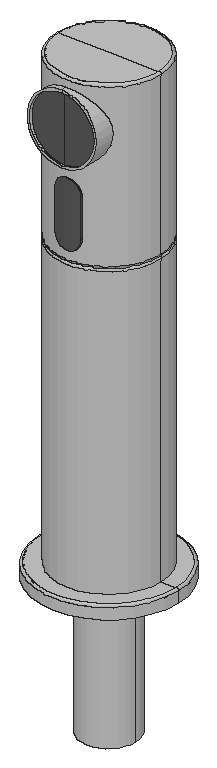
Revit family "Plumbing-Fix_Faucet-Touchless_Stern_Tubular-T", category Plumbing Fixtures, host Face, Revit 2022
Family settings
  Host = Face
  Round Connector Dimension = Use Diameter
  Part Type = Normal
  OmniClass Number = 23.45.55.14
  OmniClass Title = Single Faucets
  Cut with Voids When Loaded = No
  Maintain Annotation Orientation = No
  Shared = No
  Room Calculation Point = No
Parameters (values of type "Battery Pack 1.58 GPM")
  Waste Connection = no
  Warranty Duration (Years) = 2
  WFU = 0
  Vent Connection = no
  Unit Width = 0' - 2"
  Unit Height = 0' - 0"
  URL = "http://www.sternfaucets.com/"
  Type Comments = "as Specified"
  Standards Conformance = "as Specified"
  Spout Reach = 0' - 0"
  Spout Height = 0' - 2 1/4"
  Specification = ""
  SpecWizard = ""
  Sales Information = "http://www.sternfaucets.com/contact-us/contact-us-int-l.html"
  Revision = "R1_2018-04"
  Product Properties = ""
  Product Features = "as Specified"
  Product Data = "http://www.arcat.com/arcatcos/cos50/arc50092.html"
  Power Supply = "9V Battery"
  Piping_Inlet Diameter = 1/2"
  Piping_Flow = 0 GPM
  Operating Temperature Range = "Up to 149 F / 65 C"
  Operating Pressure Range = "7.26 - 116 PSI  ;  0.5 - 8 bar"
  Model = "Tubular TB"
  Manufacturer Website = "http://www.sternfaucets.com/"
  Manufacturer Phone - Toll Free = "800-436-4410"
  Manufacturer Phone = ""
  Manufacturer Fax = ""
  Manufacturer Address = "777 Passaic Ave.  Clifton, NJ 07012"
  Manufacturer = "Stern Engineering"
  Maintenance Schedule (Months) = 0
  Keynote = "22 40 00"
  Installation Phase = ""
  HWFU = 1
  HW Connection = yes
  Green Building-LEED = ""
  Fixture Finish [instance] = Finish - Stern - Chrome
  Expected Lifespan (Years) = 0
  Drawn By = "Sumex Design, Inc. / Robert S. Weygant, CSI, CDT, SCIP"
  Description = "Stern Touchless Wall Mounted Faucet - Tubular TB as Specified"
  Default Elevation = 0' - 0"
  Cost = 0
  Copyright = "©Arcat Inc."
  Construction Details = ""
  CWFU = 1
  CW Connection = yes
  Body Construction = ""
  Available Options = "as Specified"
  Assembly Code = "D2010300"
  Accent Color [instance] = Finish - Stern - Black
Types (10): name | Power Supply | Model | Description
  Battery Pack 1.58 GPM | "9V Battery" | "Tubular TB" | "Stern Touchless Wall Mounted Faucet - Tubular TB as Specified"
  Battery Pack 1 GPM | "9V Battery" | "Tubular TB" | "Stern Touchless Wall Mounted Faucet - Tubular TB as Specified"
  Battery Pack 0.8 GPM | "9V Battery" | "Tubular TB" | "Stern Touchless Wall Mounted Faucet - Tubular TB as Specified"
  Battery Pack 0.5 GPM | "9V Battery" | "Tubular TB" | "Stern Touchless Wall Mounted Faucet - Tubular TB as Specified"
  Battery Pack 0.35 GPM | "9V Battery" | "Tubular TB" | "Stern Touchless Wall Mounted Faucet - Tubular TB as Specified"
  Transformer 1.58 GPM | "9V Transformer" | "Tubular TE" | "Stern Touchless Wall Mounted Faucet - Tubular TE as Specified"
  Transformer 1 GPM | "9V Transformer" | "Tubular TE" | "Stern Touchless Wall Mounted Faucet - Tubular TE as Specified"
  Transformer 0.8 GPM | "9V Transformer" | "Tubular TE" | "Stern Touchless Wall Mounted Faucet - Tubular TE as Specified"
  Transformer 0.5 GPM | "9V Transformer" | "Tubular TE" | "Stern Touchless Wall Mounted Faucet - Tubular TE as Specified"
  Transformer 0.35 GPM | "9V Transformer" | "Tubular TE" | "Stern Touchless Wall Mounted Faucet - Tubular TE as Specified"
Reference planes (in)
  plane 1 "Center (Front/Back)": y = 0
  plane 2: z = 0
  plane 3 "Center (Left/Right)": x = 0
  plane 4: z = 6.125
Forms (in)
  Extrusion 1, solid, material "Finish - Stern - Black" <- "Accent Color"
    sketch origin (0, 0, -1.90625) x (1, 0, 0) y (0, 0, 1)
      loop
        line (-0.1875, 7.1875) -> (-0.1875, 6.625)
        arc (-0.1875, 6.625) -> (0, 6.4375) -> (0.1875, 6.625) r 0.1875
        line (0.1875, 6.625) -> (0.1875, 7.1875)
        arc (0.1875, 7.1875) -> (0, 7.375) -> (-0.1875, 7.1875) r 0.1875
    from 0 to 0.89907
  Extrusion 2, solid, material "Finish - Stern - Chrome" <- "Fixture Finish"
    sketch origin (0, 0, 0) x (1, 0, 0) y (0, 1, 0)
      loop
        circle (0, 0) r 0.39132
    from 0 to -2
  Revolve 3, solid, material "Finish - Stern - Chrome" <- "Fixture Finish"
    sketch origin (0, 0, 0) x (1, 0, 0) y (0, 0, 1)
      loop
        line (0, 0) -> (0, 6.75) -> (-0.71875, 6.75)
        arc (-0.71875, 6.75) -> (-0.74085, 6.74085) -> (-0.75, 6.71875) r 0.03125
        line (-0.75, 6.71875) -> (-0.75, 4.40625)
        arc (-0.75, 4.40625) -> (-0.74085, 4.38415) -> (-0.71875, 4.375) r 0.03125
        arc (-0.71875, 4.375) -> (-0.74085, 4.36585) -> (-0.75, 4.34375) r 0.03125
        line (-0.75, 4.34375) -> (-0.75, 0.1875) -> (-0.96875, 0.1875)
        arc (-0.96875, 0.1875) -> (-0.99085, 0.17835) -> (-1, 0.15625) r 0.03125
        line (-1, 0.15625) -> (-1, 0) -> (0, 0)
      axis (0, 6.75) -> (0, 0)
    angle from 0 to 360
  Revolve 4, solid, material "Finish - Stern - Chrome" <- "Fixture Finish"
    sketch origin (0, 0.14844, -2.875) x (0, 1, 0) y (0, 0, 1)
      loop
        line (-0.53976, 9) -> (-0.53976, 9.5) -> (-0.98763, 9.5) -> (-0.98763, 9.46875) -> (-0.95638, 9.46875) -> (-0.95638, 9) -> (-0.53976, 9)
      axis (-0.98763, 9) -> (-0.53976, 9)
    angle from 0 to 360
  Extrusion 5, void
    sketch origin (0, 0, 0) x (1, 0, 0) y (0, 1, 0)
      loop
        arc (0.22715, -0.72406) -> (-0.00447, -0.7578) -> (-0.23569, -0.72141) r 0.78125
        line (-0.23569, -0.72141) -> (-0.23569, -0.92096) -> (0.22715, -0.92096) -> (0.22715, -0.72406)
    from 4.375 to 5.61756
Cuts and joins
  Extrusion 5 cuts Extrusion 1
Dimensions and locks (in)
  aligned and locked: plane 2 to host face
  aligned and locked: level to host face
Connectors (in)
  piping at (0, 0, -2), diameter 0.5, driven by "Piping_Flow", driven by "Piping_Inlet Diameter"
    settings: on Extrusion 2, index 2, connector inside diameter 24", connector length 0' - 0", flow factor 0, pipe flow 0 GPM, pressure drop 0.00 psi, fitting loss kfactor 0, connector angle 0.00°, fixture units 0, engagement length 0' - 0", angle of deflection 0.00°, flow configuration 0, flow direction 1, fitting loss method 0, system type 22, joint type 0, gender type 0, connector reference index -1, connector utility 0, adjustable connector no, is connector primary yes, connector description "Tempered Inlet"
  electrical at (0, 0, 0)
    settings: on Revolve 3, index 3, voltage 0 V, apparent load 0 VA, apparent load phase1 0 VA, apparent load phase2 0 VA, apparent load phase3 0 VA, power factor 1, load classification "Other", number of poles 1, system type 13, power factor state 1, is connector primary yes, connector utility no, sub classification motor no, connector description ""
